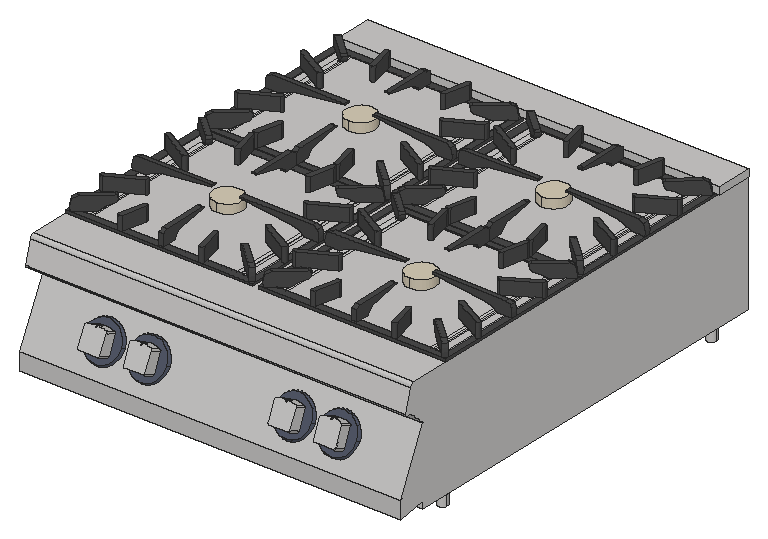
Revit family "QF_ZANUSSI_392003_Z9GCGH4S0M", category Specialty Equipment, Revit 2018
Family settings
  Round Connector Dimension = Use Diameter
  Part Type = Normal
  Work Plane-Based = No
  Always vertical = Yes
  Cut with Voids When Loaded = No
  Shared = No
  Room Calculation Point = No
Parameters
  Weight in Pounds = 79
  Weight = 0.00 kg
  Watts = 0 W
  Volts = 0 V
  URL Manufacturer = "http://www.zanussiprofessional.com"
  URL Cutsheet = "www.electrolux.com"
  URL = "http://www.zanussiprofessional.com"
  Type Mark [instance] = ""
  Steam Supply Size = 0"
  Steam Supply Minimum Pressure = 0.00 psi
  Steam Supply Maximum Pressure = 0.00 psi
  Steam Pounds per Hour = 0
  Status [instance] = ""
  Specification by User [instance] = ""
  Specification by Manufacturer = ""
  Show Logo [instance] = yes
  Show Clearance [instance] = yes
  Serial Number = ""
  Seismic Rating = ""
  SMACNA No = ""
  Revision Code [instance] = ""
  Refrigeration Suction Line Size = 0"
  Refrigeration Liquid Line Size = 0"
  Refrigerant Compressor Remote = yes
  Phase = 0
  Omniclass Number and Title = ""
  NAFEM Spec ID Number = ""
  Model = "Z9GCGH4S0M"
  Mechanical Remarks [instance] = ""
  Mechanical Connection Type [instance] = ""
  Masterspec = ""
  Manufacturer = "Zanussi"
  Length Actual = 800 mm  # constant formula
  Item Number [instance] = "392003"
  Installed By [instance] = ""
  Identify Quantity as Lot [instance] = yes
  Hot Water Size = 0"
  Height Actual = 250 mm  # constant formula
  HP = "0 HP"
  Gas Size = 1/2"
  Gas RI Height [instance] = 0 mm
  Gas KW [instance] = 40
  Gas Input [instance] = 1.34407 Btu/h
  Gas Connection Height = 0 mm
  Furnished By [instance] = ""
  Foodservice Equipment Identifier [instance] = yes
  Direct Waste Size = 0"
  Description = "4-BURNER (10KW) GAS BOILING TOP 800 MM"
  Depth Actual = 900 mm  # constant formula
  Cycle = 0 Hz
  Condensate Return Size = 0"
  Compressed Air Volume = 0 GPM
  Compressed Air Size = 0"
  Compressed Air Pressure = 0.00 psi
  Cold Water Size = 0"
  CSI MasterFormat = ""
  CSI Master Format = ""
  Accessory = yes
Reference planes
  plane 1 "BACK": y = 0
  plane 2: z = 0
  plane 3 "LEFT": x = 0
  plane 4 "RIGHT": x = 800.1
  plane 5 "FRONT": y = -915
  plane 6 "TOP": z = 310
  plane 7 "Center Y": x = 400.05
  plane 8 "Center X": y = -457.5
  plane 9: z = 24
  plane 10: z = 274
  plane 11: y = -82
  plane 12: y = -900.275
  plane 13: y = -790
  plane 14: y = -666
  plane 15: x = 747.713
  plane 16: y = -607
Forms (mm)
  Extrusion 1, solid, material "QF_Finishes_Stainless Steel"
    sketch origin (0, 0, 0) x (0, 1, 0) y (0, 0, 1)
      loop
        line (0, 24) -> (0, 273.175) -> (-879.358, 273.175)
        arc (-879.358, 273.175) -> (-884.643, 270.986) -> (-886.833, 265.701) r 7.474
        line (-886.833, 265.701) -> (-899.884, 220.186)
        arc (-899.884, 220.186) -> (-899.396, 217.554) -> (-897, 216.359) r 3
        line (-897, 216.359) -> (-886.802, 216.359) -> (-854.982, 184.539) -> (-915, 64.508) -> (-915, 29.508) -> (-858.645, 37.428)
        arc (-858.645, 37.428) -> (-856.101, 36.674) -> (-855, 34.259) r 3.2
        line (-855, 34.259) -> (-855, 24) -> (0, 24)
    from 0 to 800.1
  Extrusion 2, solid, material "QF_Finishes_Stainless Steel"
    sketch origin (0, -836.697, 23.812) x (1, 0, 0) y (0, -1, 0)
      loop
        circle (11.112, -754.697) r 9.5
      loop
        circle (788.987, -46.697) r 9.5
      loop
        circle (788.988, -754.697) r 9.5
      loop
        circle (11.112, -61.972) r 9.5
    from 0 to 23.812
  Extrusion 3, solid, material "QF_Finishes_Stainless Steel"
    sketch origin (0, -836.697, 23.812) x (1, 0, 0) y (0, -1, 0)
      loop
        circle (747.713, -170.697) r 6.4
      loop
        circle (649.1, -229.697) r 6.4
    from 0 to 20
  Extrusion 4, solid, material "QF_Finishes_Stainless Steel"
    sketch origin (0, 0, 0) x (0, 1, 0) y (0, 0, 1)
      loop
        line (0, 274) -> (0, 288.288) -> (-76.2, 288.288) -> (-76.2, 274) -> (0, 274)
    from 0 to 800.1
  Extrusion 5, solid, material "QF_Clearances", visible <- "Show Clearance", detail levels coarse
    sketch origin (0, 0, 0) x (1, 0, 0) y (0, 1, 0)
      loop
        line (0, -915) -> (0, 0) -> (800.1, 0) -> (800.1, -914.604) -> (900.113, -914.604) -> (900.113, 100.013) -> (-100.012, 100.013) -> (-100.012, -915) -> (0, -915)
    from 0 to 310
  Blend 6, solid, material "QF_Finishes_Navy Blue"
    base sketch origin (152.525, -884.991, 124.749) x (1, 0, 0) y (0, 0.444781, 0.895639)
      loop
        circle (0, 0) r 42.5
    top sketch origin (152.525, -884.991, 124.749) x (1, 0, 0) y (0, 0.444781, 0.895639)
      loop
        circle (0, 0) r 40.5
    from 0 to 5
  Extrusion 7, solid, material "QF_Finishes_Stainless Steel"
    sketch origin (152.525, -884.991, 124.749) x (1, 0, 0) y (0, 0.444781, 0.895639)
      loop
        arc (-21.147, 22.789) -> (-22.494, 21.685) -> (-23, 20.019) r 2.997
        line (-23, 20.019) -> (-23, -20.019)
        arc (-23, -20.019) -> (-22.122, -22.138) -> (-20.003, -23.016) r 2.997
        line (-20.003, -23.016) -> (20.003, -23.016)
        arc (20.003, -23.016) -> (22.122, -22.138) -> (23, -20.019) r 2.997
        line (23, -20.019) -> (23, 20.019)
        arc (23, 20.019) -> (22.494, 21.685) -> (21.147, 22.789) r 2.997
        arc (21.147, 22.789) -> (0, 26.984) -> (-21.147, 22.789) r 55.4
    from 10 to 34
  Extrusion 8, solid, material "QF_Plastic-Black-Matte"
    sketch origin (210.025, -884.991, 124.749) x (0, 0.444781, 0.895639) y (0, -0.895639, 0.444781)
      loop
        line (26.413, 33.716) -> (26.413, 18.716) -> (27.413, 18.716) -> (27.413, 33.716)
        arc (27.413, 33.716) -> (27.12, 34.424) -> (26.413, 34.716) r 1
        line (26.413, 34.716) -> (23.413, 34.716) -> (23.413, 33.716) -> (26.413, 33.716)
    from -58.5 to -56.5
  Extrusion 9, solid, material "QF_Finishes_Stainless Steel"
    sketch origin (152.525, -884.991, 124.749) x (1, 0, 0) y (0, 0.444781, 0.895639)
      loop
        line (17.5, 17.5) -> (-17.5, 17.5) -> (-17.5, -17.5) -> (17.5, -17.5) -> (17.5, 17.5)
    from 5 to 10
  Blend 10, solid, material "QF_Finishes_Navy Blue"
    base sketch origin (247.525, -884.991, 124.749) x (1, 0, 0) y (0, 0.444781, 0.895639)
      loop
        circle (0, 0) r 42.5
    top sketch origin (247.525, -884.991, 124.749) x (1, 0, 0) y (0, 0.444781, 0.895639)
      loop
        circle (0, 0) r 40.5
    from 0 to 5
  Extrusion 11, solid, material "QF_Finishes_Stainless Steel"
    sketch origin (247.525, -884.991, 124.749) x (1, 0, 0) y (0, 0.444781, 0.895639)
      loop
        arc (-21.147, 22.789) -> (-22.494, 21.685) -> (-23, 20.019) r 2.997
        line (-23, 20.019) -> (-23, -20.019)
        arc (-23, -20.019) -> (-22.122, -22.138) -> (-20.003, -23.016) r 2.997
        line (-20.003, -23.016) -> (20.003, -23.016)
        arc (20.003, -23.016) -> (22.122, -22.138) -> (23, -20.019) r 2.997
        line (23, -20.019) -> (23, 20.019)
        arc (23, 20.019) -> (22.494, 21.685) -> (21.147, 22.789) r 2.997
        arc (21.147, 22.789) -> (0, 26.984) -> (-21.147, 22.789) r 55.4
    from 10 to 34
  Extrusion 12, solid, material "QF_Finishes_Stainless Steel"
    sketch origin (247.525, -884.991, 124.749) x (1, 0, 0) y (0, 0.444781, 0.895639)
      loop
        line (17.5, 17.5) -> (-17.5, 17.5) -> (-17.5, -17.5) -> (17.5, -17.5) -> (17.5, 17.5)
    from 5 to 10
  Extrusion 13, solid, material "QF_Plastic-Black-Matte"
    sketch origin (190.025, -884.991, 124.749) x (0, 0.444781, 0.895639) y (0, 0.895639, -0.444781)
      loop
        line (26.413, -33.716) -> (23.413, -33.716) -> (23.413, -34.716) -> (26.413, -34.716)
        arc (26.413, -34.716) -> (27.12, -34.424) -> (27.413, -33.716) r 1
        line (27.413, -33.716) -> (27.413, -18.716) -> (26.413, -18.716) -> (26.413, -33.716)
    from -58.5 to -56.5
  Blend 14, solid, material "QF_Finishes_Navy Blue"
    base sketch origin (552.525, -884.991, 124.749) x (1, 0, 0) y (0, 0.444781, 0.895639)
      loop
        circle (0, 0) r 42.5
    top sketch origin (552.525, -884.991, 124.749) x (1, 0, 0) y (0, 0.444781, 0.895639)
      loop
        circle (0, 0) r 40.5
    from 0 to 5
  Extrusion 15, solid, material "QF_Finishes_Stainless Steel"
    sketch origin (552.525, -884.991, 124.749) x (1, 0, 0) y (0, 0.444781, 0.895639)
      loop
        arc (-21.147, 22.789) -> (-22.494, 21.685) -> (-23, 20.019) r 2.997
        line (-23, 20.019) -> (-23, -20.019)
        arc (-23, -20.019) -> (-22.122, -22.138) -> (-20.003, -23.016) r 2.997
        line (-20.003, -23.016) -> (20.003, -23.016)
        arc (20.003, -23.016) -> (22.122, -22.138) -> (23, -20.019) r 2.997
        line (23, -20.019) -> (23, 20.019)
        arc (23, 20.019) -> (22.494, 21.685) -> (21.147, 22.789) r 2.997
        arc (21.147, 22.789) -> (0, 26.984) -> (-21.147, 22.789) r 55.4
    from 10 to 34
  Extrusion 16, solid, material "QF_Plastic-Black-Matte"
    sketch origin (610.025, -884.991, 124.749) x (0, 0.444781, 0.895639) y (0, -0.895639, 0.444781)
      loop
        line (26.413, 33.716) -> (26.413, 18.716) -> (27.413, 18.716) -> (27.413, 33.716)
        arc (27.413, 33.716) -> (27.12, 34.424) -> (26.413, 34.716) r 1
        line (26.413, 34.716) -> (23.413, 34.716) -> (23.413, 33.716) -> (26.413, 33.716)
    from -58.5 to -56.5
  Extrusion 17, solid, material "QF_Finishes_Stainless Steel"
    sketch origin (552.525, -884.991, 124.749) x (1, 0, 0) y (0, 0.444781, 0.895639)
      loop
        line (17.5, 17.5) -> (-17.5, 17.5) -> (-17.5, -17.5) -> (17.5, -17.5) -> (17.5, 17.5)
    from 5 to 10
  Blend 18, solid, material "QF_Finishes_Navy Blue"
    base sketch origin (647.525, -884.991, 124.749) x (1, 0, 0) y (0, 0.444781, 0.895639)
      loop
        circle (0, 0) r 42.5
    top sketch origin (647.525, -884.991, 124.749) x (1, 0, 0) y (0, 0.444781, 0.895639)
      loop
        circle (0, 0) r 40.5
    from 0 to 5
  Extrusion 19, solid, material "QF_Finishes_Stainless Steel"
    sketch origin (647.525, -884.991, 124.749) x (1, 0, 0) y (0, 0.444781, 0.895639)
      loop
        arc (-21.147, 22.789) -> (-22.494, 21.685) -> (-23, 20.019) r 2.997
        line (-23, 20.019) -> (-23, -20.019)
        arc (-23, -20.019) -> (-22.122, -22.138) -> (-20.003, -23.016) r 2.997
        line (-20.003, -23.016) -> (20.003, -23.016)
        arc (20.003, -23.016) -> (22.122, -22.138) -> (23, -20.019) r 2.997
        line (23, -20.019) -> (23, 20.019)
        arc (23, 20.019) -> (22.494, 21.685) -> (21.147, 22.789) r 2.997
        arc (21.147, 22.789) -> (0, 26.984) -> (-21.147, 22.789) r 55.4
    from 10 to 34
  Extrusion 20, solid, material "QF_Finishes_Stainless Steel"
    sketch origin (647.525, -884.991, 124.749) x (1, 0, 0) y (0, 0.444781, 0.895639)
      loop
        line (17.5, 17.5) -> (-17.5, 17.5) -> (-17.5, -17.5) -> (17.5, -17.5) -> (17.5, 17.5)
    from 5 to 10
  Extrusion 21, solid, material "QF_Plastic-Black-Matte"
    sketch origin (590.025, -884.991, 124.749) x (0, 0.444781, 0.895639) y (0, 0.895639, -0.444781)
      loop
        line (26.413, -33.716) -> (23.413, -33.716) -> (23.413, -34.716) -> (26.413, -34.716)
        arc (26.413, -34.716) -> (27.12, -34.424) -> (27.413, -33.716) r 1
        line (27.413, -33.716) -> (27.413, -18.716) -> (26.413, -18.716) -> (26.413, -33.716)
    from -58.5 to -56.5
Lines and regions (mm)
  Split face 1
    outline origin (152.525, -889.469, 126.972) x (1, 0, 0) y (0, 0.444781, 0.895639)
      loop
        circle (-33, 0) r 3
  Split face 2
    outline origin (158.426, -889.469, 126.972) x (1, 0, 0) y (0, 0.444781, 0.895639)
      loop
        line (-8.901, 38.561) -> (-8.901, 28.561) -> (-2.901, 28.561) -> (-2.901, 38.561) -> (-8.901, 38.561)
  Split face 3
    outline origin (158.426, -889.469, 126.972) x (1, 0, 0) y (0, 0.444781, 0.895639)
      loop
        line (-8.401, 38.061) -> (-8.401, 29.061) -> (-3.401, 29.061) -> (-3.401, 38.061) -> (-8.401, 38.061)
  Split face 4
    outline origin (178.182, -875.159, 155.788) x (-1, 0, 0) y (0, -0.444781, -0.895639)
      loop
        circle (43.456, 61.543) r 1.5
  Split face 5
    outline origin (152.525, -889.469, 126.972) x (1, 0, 0) y (0, 0.444781, 0.895639)
      loop
        circle (-24.487, 26.694) r 3.497
  Split face 6
    outline origin (158.426, -859.615, 187.089) x (1, 0, 0) y (0, 0.444781, 0.895639)
      loop
        line (-8.401, -34.061) -> (-3.401, -34.061)
  Split face 7
    outline origin (158.426, -859.615, 187.089) x (1, 0, 0) y (0, 0.444781, 0.895639)
      loop
        line (-8.401, -33.561) -> (-3.401, -33.561)
  Split face 8
    outline origin (158.426, -859.615, 187.089) x (1, 0, 0) y (0, 0.444781, 0.895639)
      loop
        circle (-5.901, -31.311) r 2.029
  Split face 9
    outline origin (253.426, -889.469, 126.972) x (1, 0, 0) y (0, 0.444781, 0.895639)
      loop
        line (-8.901, 38.561) -> (-8.901, 28.561) -> (-2.901, 28.561) -> (-2.901, 38.561) -> (-8.901, 38.561)
  Split face 10
    outline origin (253.426, -889.469, 126.972) x (1, 0, 0) y (0, 0.444781, 0.895639)
      loop
        line (-8.401, 38.061) -> (-8.401, 29.061) -> (-3.401, 29.061) -> (-3.401, 38.061) -> (-8.401, 38.061)
  Split face 11
    outline origin (253.426, -889.469, 126.972) x (1, 0, 0) y (0, 0.444781, 0.895639)
      loop
        line (-8.401, 34.061) -> (-3.401, 34.061)
  Split face 12
    outline origin (253.426, -889.469, 126.972) x (1, 0, 0) y (0, 0.444781, 0.895639)
      loop
        line (-8.401, 33.561) -> (-3.401, 33.561)
  Split face 13
    outline origin (253.426, -889.469, 126.972) x (1, 0, 0) y (0, 0.444781, 0.895639)
      loop
        circle (-5.901, 31.311) r 2.029
  Split face 14
    outline origin (247.525, -889.469, 126.972) x (1, 0, 0) y (0, 0.444781, 0.895639)
      loop
        circle (-33, 0) r 3
  Split face 15
    outline origin (273.182, -875.159, 155.788) x (-1, 0, 0) y (0, -0.444781, -0.895639)
      loop
        circle (43.456, 61.543) r 1.5
  Split face 16
    outline origin (247.525, -889.469, 126.972) x (1, 0, 0) y (0, 0.444781, 0.895639)
      loop
        circle (-24.487, 26.694) r 3.497
  Split face 17
    outline origin (552.525, -889.469, 126.972) x (1, 0, 0) y (0, 0.444781, 0.895639)
      loop
        circle (-33, 0) r 3
  Split face 18
    outline origin (558.426, -889.469, 126.972) x (1, 0, 0) y (0, 0.444781, 0.895639)
      loop
        line (-8.901, 38.561) -> (-8.901, 28.561) -> (-2.901, 28.561) -> (-2.901, 38.561) -> (-8.901, 38.561)
  Split face 19
    outline origin (558.426, -889.469, 126.972) x (1, 0, 0) y (0, 0.444781, 0.895639)
      loop
        line (-8.401, 38.061) -> (-8.401, 29.061) -> (-3.401, 29.061) -> (-3.401, 38.061) -> (-8.401, 38.061)
  Split face 20
    outline origin (578.182, -875.159, 155.788) x (-1, 0, 0) y (0, -0.444781, -0.895639)
      loop
        circle (43.456, 61.543) r 1.5
  Split face 21
    outline origin (552.525, -889.469, 126.972) x (1, 0, 0) y (0, 0.444781, 0.895639)
      loop
        circle (-24.487, 26.694) r 3.497
  Split face 22
    outline origin (558.426, -859.615, 187.089) x (1, 0, 0) y (0, 0.444781, 0.895639)
      loop
        line (-8.401, -34.061) -> (-3.401, -34.061)
  Split face 23
    outline origin (558.426, -859.615, 187.089) x (1, 0, 0) y (0, 0.444781, 0.895639)
      loop
        line (-8.401, -33.561) -> (-3.401, -33.561)
  Split face 24
    outline origin (558.426, -859.615, 187.089) x (1, 0, 0) y (0, 0.444781, 0.895639)
      loop
        circle (-5.901, -31.311) r 2.029
  Split face 25
    outline origin (653.426, -889.469, 126.972) x (1, 0, 0) y (0, 0.444781, 0.895639)
      loop
        line (-8.901, 38.561) -> (-8.901, 28.561) -> (-2.901, 28.561) -> (-2.901, 38.561) -> (-8.901, 38.561)
  Split face 26
    outline origin (653.426, -889.469, 126.972) x (1, 0, 0) y (0, 0.444781, 0.895639)
      loop
        line (-8.401, 38.061) -> (-8.401, 29.061) -> (-3.401, 29.061) -> (-3.401, 38.061) -> (-8.401, 38.061)
  Split face 27
    outline origin (653.426, -889.469, 126.972) x (1, 0, 0) y (0, 0.444781, 0.895639)
      loop
        line (-8.401, 34.061) -> (-3.401, 34.061)
  Split face 28
    outline origin (653.426, -889.469, 126.972) x (1, 0, 0) y (0, 0.444781, 0.895639)
      loop
        line (-8.401, 33.561) -> (-3.401, 33.561)
  Split face 29
    outline origin (653.426, -889.469, 126.972) x (1, 0, 0) y (0, 0.444781, 0.895639)
      loop
        circle (-5.901, 31.311) r 2.029
  Split face 30
    outline origin (647.525, -889.469, 126.972) x (1, 0, 0) y (0, 0.444781, 0.895639)
      loop
        circle (-33, 0) r 3
  Split face 31
    outline origin (673.182, -875.159, 155.788) x (-1, 0, 0) y (0, -0.444781, -0.895639)
      loop
        circle (43.456, 61.543) r 1.5
  Split face 32
    outline origin (647.525, -889.469, 126.972) x (1, 0, 0) y (0, 0.444781, 0.895639)
      loop
        circle (-24.487, 26.694) r 3.497
  symbolic lines, style "QF_Clearances", visible <- "Show Clearance", detail levels coarse
    curve 1: line (-100.013, -915, 0) -> (-100.013, 100.013, 0)
    curve 2: line (-100.013, 100.013, 0) -> (900.113, 100.013, 0)
    curve 3: line (900.113, 100.013, 0) -> (900.113, -914.604, 0)
  symbolic lines
    curve 4: line (0, 0, 0) -> (800.1, 0, 0)
    curve 5: line (800.1, 0, 0) -> (800.1, -915, 0)
    curve 6: line (0, -915, 0) -> (0, 0, 0)
    curve 7: line (0, -76.2, 0) -> (800.1, -76.2, 0)
    curve 8: line (129.525, -900, 0) -> (129.525, -924.347, 0)
    curve 9: arc (129.525, -924.347, 0) -> (129.671, -924.811, 0) -> (130.057, -925.107, 0) r 0.809
    curve 10: arc (130.057, -925.107, 0) -> (131.245, -925.587, 0) -> (132.522, -925.68, 0) r 4.127
    curve 11: arc (129.525, -904.292, 0) -> (124.484, -902.458, 0) -> (119.716, -900, 0) r 42.24
    curve 12: arc (129.525, -906.539, 0) -> (130.027, -905.818, 0) -> (130.824, -905.448, 0) r 1.682
    curve 13: arc (130.824, -905.448, 0) -> (141.127, -903.95, 0) -> (151.525, -903.441, 0) r 109.079
    curve 14: line (151.525, -900, 0) -> (151.525, -905.671, 0)
    curve 15: line (151.525, -905.671, 0) -> (153.525, -905.671, 0)
    curve 16: line (153.525, -905.671, 0) -> (153.525, -900, 0)
    curve 17: line (175.525, -900, 0) -> (175.525, -924.347, 0)
    curve 18: arc (175.525, -924.347, 0) -> (175.379, -924.811, 0) -> (174.993, -925.107, 0) r 0.809
    curve 19: arc (174.993, -925.107, 0) -> (173.805, -925.587, 0) -> (172.528, -925.68, 0) r 4.127
    curve 20: arc (175.525, -904.292, 0) -> (180.566, -902.458, 0) -> (185.334, -900, 0) r 42.24
    curve 21: arc (175.525, -906.539, 0) -> (175.023, -905.818, 0) -> (174.226, -905.448, 0) r 1.682
    curve 22: arc (174.226, -905.448, 0) -> (163.923, -903.95, 0) -> (153.525, -903.441, 0) r 109.079
    curve 23: line (132.522, -925.68, 0) -> (172.528, -925.68, 0)
    curve 24: line (270.525, -900, 0) -> (270.525, -924.347, 0)
    curve 25: arc (270.525, -924.347, 0) -> (270.379, -924.811, 0) -> (269.993, -925.107, 0) r 0.809
    curve 26: arc (269.993, -925.107, 0) -> (268.805, -925.587, 0) -> (267.528, -925.68, 0) r 4.127
    curve 27: arc (270.525, -904.292, 0) -> (275.566, -902.458, 0) -> (280.334, -900, 0) r 42.24
    curve 28: arc (270.525, -906.539, 0) -> (270.023, -905.818, 0) -> (269.226, -905.448, 0) r 1.682
    curve 29: arc (269.226, -905.448, 0) -> (258.923, -903.95, 0) -> (248.525, -903.441, 0) r 109.079
    curve 30: line (248.525, -900, 0) -> (248.525, -905.671, 0)
    curve 31: line (248.525, -905.671, 0) -> (246.525, -905.671, 0)
    curve 32: line (246.525, -905.671, 0) -> (246.525, -900, 0)
    curve 33: line (224.525, -900, 0) -> (224.525, -924.347, 0)
    curve 34: arc (224.525, -924.347, 0) -> (224.671, -924.811, 0) -> (225.057, -925.107, 0) r 0.809
    curve 35: arc (225.057, -925.107, 0) -> (226.245, -925.587, 0) -> (227.522, -925.68, 0) r 4.127
    curve 36: arc (224.525, -904.292, 0) -> (219.484, -902.458, 0) -> (214.716, -900, 0) r 42.24
    curve 37: arc (224.525, -906.539, 0) -> (225.027, -905.818, 0) -> (225.824, -905.448, 0) r 1.682
    curve 38: arc (225.824, -905.448, 0) -> (236.127, -903.95, 0) -> (246.525, -903.441, 0) r 109.079
    curve 39: line (267.528, -925.68, 0) -> (227.522, -925.68, 0)
    curve 40: line (175.525, -915, 0) -> (224.525, -915, 0)
    curve 41: line (270.525, -915, 0) -> (400.05, -915, 0)
    curve 42: line (0, -915, 0) -> (129.525, -915, 0)
    curve 43: line (529.575, -900, 0) -> (529.575, -924.347, 0)
    curve 44: arc (529.575, -924.347, 0) -> (529.721, -924.811, 0) -> (530.107, -925.107, 0) r 0.809
    curve 45: arc (530.107, -925.107, 0) -> (531.295, -925.587, 0) -> (532.572, -925.68, 0) r 4.127
    curve 46: arc (529.575, -904.292, 0) -> (524.534, -902.458, 0) -> (519.766, -900, 0) r 42.24
    curve 47: arc (529.575, -906.539, 0) -> (530.077, -905.818, 0) -> (530.874, -905.448, 0) r 1.682
    curve 48: arc (530.874, -905.448, 0) -> (541.177, -903.95, 0) -> (551.575, -903.441, 0) r 109.079
    curve 49: line (551.575, -900, 0) -> (551.575, -905.671, 0)
    curve 50: line (551.575, -905.671, 0) -> (553.575, -905.671, 0)
    curve 51: line (553.575, -905.671, 0) -> (553.575, -900, 0)
    curve 52: line (575.575, -900, 0) -> (575.575, -924.347, 0)
    curve 53: arc (575.575, -924.347, 0) -> (575.429, -924.811, 0) -> (575.043, -925.107, 0) r 0.809
    curve 54: arc (575.043, -925.107, 0) -> (573.855, -925.587, 0) -> (572.578, -925.68, 0) r 4.127
    curve 55: arc (575.575, -904.292, 0) -> (580.616, -902.458, 0) -> (585.384, -900, 0) r 42.24
    curve 56: arc (575.575, -906.539, 0) -> (575.073, -905.818, 0) -> (574.276, -905.448, 0) r 1.682
    curve 57: arc (574.276, -905.448, 0) -> (563.973, -903.95, 0) -> (553.575, -903.441, 0) r 109.079
    curve 58: line (532.572, -925.68, 0) -> (572.578, -925.68, 0)
    curve 59: line (670.575, -900, 0) -> (670.575, -924.347, 0)
    curve 60: arc (670.575, -924.347, 0) -> (670.429, -924.811, 0) -> (670.043, -925.107, 0) r 0.809
    curve 61: arc (670.043, -925.107, 0) -> (668.855, -925.587, 0) -> (667.578, -925.68, 0) r 4.127
    curve 62: arc (670.575, -904.292, 0) -> (675.616, -902.458, 0) -> (680.384, -900, 0) r 42.24
    curve 63: arc (670.575, -906.539, 0) -> (670.073, -905.818, 0) -> (669.276, -905.448, 0) r 1.682
    curve 64: arc (669.276, -905.448, 0) -> (658.973, -903.95, 0) -> (648.575, -903.441, 0) r 109.079
    curve 65: line (648.575, -900, 0) -> (648.575, -905.671, 0)
    curve 66: line (648.575, -905.671, 0) -> (646.575, -905.671, 0)
    curve 67: line (646.575, -905.671, 0) -> (646.575, -900, 0)
    curve 68: line (624.575, -900, 0) -> (624.575, -924.347, 0)
    curve 69: arc (624.575, -924.347, 0) -> (624.721, -924.811, 0) -> (625.107, -925.107, 0) r 0.809
    curve 70: arc (625.107, -925.107, 0) -> (626.295, -925.587, 0) -> (627.572, -925.68, 0) r 4.127
    curve 71: arc (624.575, -904.292, 0) -> (619.534, -902.458, 0) -> (614.766, -900, 0) r 42.24
    curve 72: arc (624.575, -906.539, 0) -> (625.077, -905.818, 0) -> (625.874, -905.448, 0) r 1.682
    curve 73: arc (625.874, -905.448, 0) -> (636.177, -903.95, 0) -> (646.575, -903.441, 0) r 109.079
    curve 74: line (667.578, -925.68, 0) -> (627.572, -925.68, 0)
    curve 75: line (575.575, -915, 0) -> (624.575, -915, 0)
    curve 76: line (670.575, -915, 0) -> (800.1, -915, 0)
    curve 77: line (400.05, -915, 0) -> (529.575, -915, 0)
    curve 78: line (0, -900, 0) -> (800.1, -900, 0)
Dimensions and locks
  equal spacing: plane 3 "LEFT", plane 7 "Center Y", plane 4 "RIGHT"
  plane 3 "LEFT" to plane 4 "RIGHT" = 800.1 mm
  equal spacing: plane 5 "FRONT", plane 8 "Center X", plane 1 "BACK"
  plane 5 "FRONT" to plane 1 "BACK" = 915 mm  (x2)
  plane 6 "TOP" to plane 2 = 310 mm
  plane 9 to plane 2 = 24 mm  (x2)
  plane 6 "TOP" to plane 10 = 36 mm  (x2)
  plane 10 to plane 2 = 274 mm
  locked: plane 4 "RIGHT" to Extrusion 5 sketch curve at 100.013
  plane 10 to plane 9 = 250 mm  (x2)
  Extrusion 2 sketch curve to plane 1 "BACK" = 82 mm
  Extrusion 3 sketch curve to plane 1 "BACK" = 666 mm
  Extrusion 3 sketch curve to plane 4 "RIGHT" = 52.388 mm
  Extrusion 3 to plane 9 = 20.188 mm
  plane 11 to plane 1 "BACK" = 82 mm
  plane 14 to plane 1 "BACK" = 666 mm
  plane 4 "RIGHT" to plane 15 = 52.388 mm
  Extrusion 3 sketch curve to plane 1 "BACK" = 607 mm
  Extrusion 3 sketch curve to plane 4 "RIGHT" = 151 mm
  plane 16 to plane 1 "BACK" = 607 mm
  Extrusion 2 sketch curve to Extrusion 2 sketch curve = 708 mm
  plane 13 to plane 11 = 708 mm
  plane 12 to plane 13 = 110.275 mm
  plane 5 "FRONT" to plane 12 = 14.725 mm
  aligned and locked: level to plane 2
  aligned and locked: Extrusion 2 to plane 2
  aligned and locked: Extrusion 1 to plane 4 "RIGHT"
  aligned and locked: plane 6 "TOP" to Extrusion 5
  aligned and locked: plane 4 "RIGHT" to Extrusion 5 sketch curve
  aligned and locked: Extrusion 4 to plane 4 "RIGHT"
Automatic sketch dimensions
  Extrusion 4 sketch curve to plane 10 = 0 mm
  Extrusion 4 sketch curve to plane 1 "BACK" = 0 mm
  Extrusion 4 sketch curve to Extrusion 4 sketch curve = 14.288 mm
  plane 5 "FRONT" to Extrusion 5 sketch curve = 0 mm
  plane 1 "BACK" to Extrusion 5 sketch curve = 0 mm
  Extrusion 5 sketch curve to plane 3 "LEFT" = 0 mm
  Extrusion 5 sketch curve to plane 3 "LEFT" = 100.012 mm
  Extrusion 5 sketch curve to plane 5 "FRONT" = 0.396 mm
  Extrusion 5 sketch curve to plane 1 "BACK" = 100.013 mm
  plane 1 "BACK" to Extrusion 4 sketch curve = 76.2 mm
  plane 5 "FRONT" to curve 1 = 0 mm
  curve 5 to plane 4 "RIGHT" = 0 mm
  plane 1 "BACK" to curve 4 = 0 mm
  curve 1 to plane 3 "LEFT" = 100.013 mm
  curve 2 to plane 4 "RIGHT" = 100.013 mm
  curve 3 to plane 5 "FRONT" = 0.396 mm
  plane 11 to curve 7 = 5.8 mm
  curve 2 to plane 1 "BACK" = 100.013 mm
  Extrusion 1 sketch curve to plane 9 = 0 mm
  plane 9 to Extrusion 1 sketch curve = 5.508 mm
  plane 5 "FRONT" to Extrusion 1 sketch curve = 0 mm
  Extrusion 1 sketch curve to plane 10 = 53.814 mm
  Extrusion 1 sketch curve to Extrusion 1 sketch curve = 15.116 mm
  Extrusion 1 sketch curve to Extrusion 1 sketch curve = 2.884 mm
  Extrusion 1 sketch curve to plane 10 = 8.299 mm
  Extrusion 1 sketch curve to Extrusion 1 sketch curve = 13.051 mm
  Extrusion 1 sketch curve to Extrusion 1 sketch curve = 10.198 mm
  Extrusion 1 sketch curve to Extrusion 1 sketch curve = 7.474 mm
  plane 9 to Extrusion 1 sketch curve = 13.428 mm
  Extrusion 1 sketch curve to Extrusion 1 sketch curve = 56.355 mm
  Extrusion 1 sketch curve to Extrusion 1 sketch curve = 0.445 mm
  Extrusion 1 sketch curve to Extrusion 1 sketch curve = 3.2 mm
  Extrusion 1 sketch curve to Extrusion 1 sketch curve = 31.82 mm
  plane 11 to Extrusion 1 sketch curve = 82 mm
  Extrusion 1 sketch curve to Extrusion 1 sketch curve = 35 mm
  Extrusion 1 sketch curve to Extrusion 1 sketch curve = 35.647 mm
  Extrusion 1 sketch curve to Extrusion 1 sketch curve = 3.827 mm
  Extrusion 2 sketch curve to plane 11 = 0 mm
  plane 3 "LEFT" to Extrusion 2 sketch curve = 11.112 mm  (x2)
  plane 4 "RIGHT" to Extrusion 2 sketch curve = 11.112 mm
  plane 4 "RIGHT" to Extrusion 2 sketch curve = 11.113 mm
  plane 13 to Extrusion 2 sketch curve = 15.275 mm
  Split face 2 sketch curve to Split face 2 sketch curve = 6 mm
  Split face 2 sketch curve to Split face 2 sketch curve = 10 mm
  Split face 3 sketch curve to Split face 3 sketch curve = 5 mm
  Split face 3 sketch curve to Split face 3 sketch curve = 9 mm
  Split face 6 sketch curve to Split face 6 sketch curve = 5 mm
  Split face 7 sketch curve to Split face 7 sketch curve = 5 mm
  Split face 9 sketch curve to Split face 9 sketch curve = 6 mm
  Split face 9 sketch curve to Split face 9 sketch curve = 10 mm
  Split face 10 sketch curve to Split face 10 sketch curve = 5 mm
  Split face 10 sketch curve to Split face 10 sketch curve = 9 mm
  Split face 11 sketch curve to Split face 11 sketch curve = 5 mm
  Split face 12 sketch curve to Split face 12 sketch curve = 5 mm
  Split face 18 sketch curve to Split face 18 sketch curve = 6 mm
  Split face 18 sketch curve to Split face 18 sketch curve = 10 mm
  Split face 19 sketch curve to Split face 19 sketch curve = 5 mm
  Split face 19 sketch curve to Split face 19 sketch curve = 9 mm
  Split face 22 sketch curve to Split face 22 sketch curve = 5 mm
  Split face 23 sketch curve to Split face 23 sketch curve = 5 mm
  Split face 25 sketch curve to Split face 25 sketch curve = 6 mm
  Split face 25 sketch curve to Split face 25 sketch curve = 10 mm
  Split face 26 sketch curve to Split face 26 sketch curve = 5 mm
  Split face 26 sketch curve to Split face 26 sketch curve = 9 mm
  Split face 27 sketch curve to Split face 27 sketch curve = 5 mm
  Split face 28 sketch curve to Split face 28 sketch curve = 5 mm
  plane 3 "LEFT" to Blend 6 sketch curve = 152.525 mm  (x2)
  plane 3 "LEFT" to Extrusion 7 sketch curve = 129.525 mm
  Extrusion 7 sketch curve to Extrusion 7 sketch curve = 2.997 mm  (x3)
  Extrusion 7 sketch curve to Extrusion 7 sketch curve = 20.003 mm  (x2)
  Extrusion 7 sketch curve to Extrusion 7 sketch curve = 40.005 mm
  Extrusion 7 sketch curve to Extrusion 7 sketch curve = 5.399 mm
  Extrusion 7 sketch curve to Extrusion 7 sketch curve = 40.037 mm
  Extrusion 7 sketch curve to Extrusion 7 sketch curve = 0 mm  (x2)
  plane 12 to Extrusion 8 sketch curve = 5.396 mm
  Extrusion 8 sketch curve to plane 10 = 112.841 mm
  Extrusion 8 sketch curve to Extrusion 8 sketch curve = 3 mm
  Extrusion 8 sketch curve to Extrusion 8 sketch curve = 0 mm  (x2)
  Extrusion 8 sketch curve to Extrusion 8 sketch curve = 1 mm
  Extrusion 8 sketch curve to Extrusion 8 sketch curve = 15 mm
  plane 3 "LEFT" to Extrusion 9 sketch curve = 135.025 mm
  Extrusion 9 sketch curve to Extrusion 9 sketch curve = 35 mm  (x2)
  Blend 10 sketch curve to plane 7 "Center Y" = 152.525 mm  (x2)
  Extrusion 11 sketch curve to plane 7 "Center Y" = 175.525 mm
  Extrusion 11 sketch curve to Extrusion 11 sketch curve = 2.997 mm  (x3)
  Extrusion 11 sketch curve to Extrusion 11 sketch curve = 20.003 mm  (x2)
  Extrusion 11 sketch curve to Extrusion 11 sketch curve = 40.005 mm
  Extrusion 11 sketch curve to Extrusion 11 sketch curve = 5.399 mm
  Extrusion 11 sketch curve to Extrusion 11 sketch curve = 40.037 mm
  Extrusion 11 sketch curve to Extrusion 11 sketch curve = 0 mm  (x2)
  Extrusion 12 sketch curve to plane 7 "Center Y" = 170.025 mm
  Extrusion 12 sketch curve to Extrusion 12 sketch curve = 35 mm  (x2)
  plane 12 to Extrusion 13 sketch curve = 5.396 mm
  Extrusion 13 sketch curve to plane 10 = 112.841 mm
  Extrusion 13 sketch curve to Extrusion 13 sketch curve = 3 mm
  Extrusion 13 sketch curve to Extrusion 13 sketch curve = 0 mm
  Extrusion 13 sketch curve to Extrusion 13 sketch curve = 1 mm  (x2)
  Extrusion 13 sketch curve to Extrusion 13 sketch curve = 15 mm
  plane 7 "Center Y" to Blend 14 sketch curve = 152.475 mm  (x2)
  plane 7 "Center Y" to Extrusion 15 sketch curve = 129.475 mm
  Extrusion 15 sketch curve to Extrusion 15 sketch curve = 2.997 mm  (x3)
  Extrusion 15 sketch curve to Extrusion 15 sketch curve = 20.003 mm  (x2)
  Extrusion 15 sketch curve to Extrusion 15 sketch curve = 40.005 mm
  Extrusion 15 sketch curve to Extrusion 15 sketch curve = 5.399 mm
  Extrusion 15 sketch curve to Extrusion 15 sketch curve = 40.037 mm
  Extrusion 15 sketch curve to Extrusion 15 sketch curve = 0 mm  (x2)
  plane 12 to Extrusion 16 sketch curve = 5.396 mm
  Extrusion 16 sketch curve to plane 10 = 112.841 mm
  Extrusion 16 sketch curve to Extrusion 16 sketch curve = 3 mm
  Extrusion 16 sketch curve to Extrusion 16 sketch curve = 0 mm  (x2)
  Extrusion 16 sketch curve to Extrusion 16 sketch curve = 1 mm
  Extrusion 16 sketch curve to Extrusion 16 sketch curve = 15 mm
  plane 7 "Center Y" to Extrusion 17 sketch curve = 134.975 mm
  Extrusion 17 sketch curve to Extrusion 17 sketch curve = 35 mm  (x2)
  Blend 18 sketch curve to plane 15 = 100.187 mm  (x2)
  Extrusion 19 sketch curve to plane 15 = 123.187 mm
  Extrusion 19 sketch curve to Extrusion 19 sketch curve = 2.997 mm  (x3)
  Extrusion 19 sketch curve to Extrusion 19 sketch curve = 20.003 mm  (x2)
  Extrusion 19 sketch curve to Extrusion 19 sketch curve = 40.005 mm
  Extrusion 19 sketch curve to Extrusion 19 sketch curve = 5.399 mm
  Extrusion 19 sketch curve to Extrusion 19 sketch curve = 40.037 mm
  Extrusion 19 sketch curve to Extrusion 19 sketch curve = 0 mm  (x2)
  Extrusion 20 sketch curve to plane 15 = 117.687 mm
  Extrusion 20 sketch curve to Extrusion 20 sketch curve = 35 mm  (x2)
  plane 12 to Extrusion 21 sketch curve = 5.396 mm
  Extrusion 21 sketch curve to plane 10 = 112.841 mm
  Extrusion 21 sketch curve to Extrusion 21 sketch curve = 3 mm
  Extrusion 21 sketch curve to Extrusion 21 sketch curve = 0 mm
  Extrusion 21 sketch curve to Extrusion 21 sketch curve = 1 mm  (x2)
  Extrusion 21 sketch curve to Extrusion 21 sketch curve = 15 mm
  curve 6 to plane 3 "LEFT" = 0 mm
  plane 5 "FRONT" to curve 5 = 0 mm
  plane 5 "FRONT" to curve 6 = 0 mm
  curve 77 to plane 7 "Center Y" = 0 mm
  plane 3 "LEFT" to curve 9 = 130.334 mm
  curve 9 to curve 12 = 0.774 mm
  curve 9 to curve 10 = 1.846 mm
  curve 12 to curve 11 = 10.309 mm
  curve 9 to curve 13 = 21.322 mm
  curve 13 to curve 22 = 1.738 mm
  curve 11 to curve 20 = 22.215 mm
  curve 10 to curve 19 = 40.691 mm
  curve 19 to curve 21 = 1.071 mm
  curve 18 to curve 34 = 50.617 mm
  curve 34 to curve 37 = 0.774 mm
  curve 34 to curve 35 = 1.846 mm
  curve 37 to curve 36 = 10.309 mm
  curve 34 to curve 38 = 21.322 mm
  curve 38 to curve 29 = 1.738 mm
  curve 36 to curve 27 = 22.215 mm
  curve 35 to curve 26 = 40.691 mm
  curve 26 to curve 28 = 1.071 mm
  plane 7 "Center Y" to curve 44 = 130.334 mm
  curve 44 to curve 47 = 0.774 mm
  curve 44 to curve 45 = 1.846 mm
  curve 47 to curve 46 = 10.309 mm
  curve 44 to curve 48 = 21.322 mm
  curve 48 to curve 57 = 1.738 mm
  curve 46 to curve 55 = 22.215 mm
  curve 54 to curve 56 = 1.071 mm
  curve 54 to curve 53 = 1.846 mm
  curve 53 to curve 69 = 50.617 mm
  curve 69 to curve 72 = 0.774 mm
  curve 69 to curve 70 = 1.846 mm
  curve 72 to curve 71 = 10.309 mm
  curve 69 to curve 73 = 21.322 mm
  curve 73 to curve 64 = 1.738 mm
  curve 71 to curve 62 = 22.215 mm
  curve 61 to curve 63 = 1.071 mm
  curve 11 to curve 20 = 0 mm
  curve 20 to curve 27 = 0 mm
  curve 36 to curve 27 = 0 mm
  curve 71 to curve 62 = 0 mm
  curve 46 to curve 71 = 0 mm
  curve 46 to curve 55 = 0 mm
  curve 12 to curve 21 = 0 mm
  curve 72 to curve 63 = 0 mm
  curve 47 to curve 56 = 0 mm
  curve 37 to curve 28 = 0 mm
  curve 45 to curve 47 = 14.462 mm
  curve 35 to curve 37 = 14.462 mm
  curve 10 to curve 12 = 14.462 mm
  curve 69 to curve 70 = 2.779 mm
  curve 44 to curve 45 = 2.779 mm
  curve 25 to curve 26 = 2.779 mm
  curve 9 to curve 10 = 2.779 mm
  curve 34 to curve 35 = 2.779 mm
  curve 60 to curve 61 = 2.779 mm
  curve 53 to curve 54 = 2.779 mm
  curve 18 to curve 19 = 2.779 mm
  curve 22 to curve 18 = 88.173 mm
  curve 29 to curve 25 = 88.173 mm
  curve 73 to curve 69 = 88.173 mm
  curve 73 to curve 64 = 0 mm  (x2)
  curve 38 to curve 29 = 0 mm  (x2)
  curve 13 to curve 22 = 0 mm  (x2)
  curve 48 to curve 44 = 88.173 mm
  curve 48 to curve 57 = 0 mm  (x2)
  curve 11 to curve 12 = 11.392 mm
  curve 9 to curve 9 = 0.809 mm
  curve 10 to curve 9 = 0.277 mm
  curve 13 to curve 12 = 0.284 mm
  curve 9 to curve 23 = 2.465 mm
  curve 12 to curve 13 = 20.417 mm
  curve 13 to curve 22 = 2 mm
  curve 19 to curve 18 = 2.189 mm
  curve 21 to curve 22 = 0.284 mm
  curve 18 to curve 18 = 0.277 mm
  curve 22 to curve 20 = 1.299 mm
  curve 18 to curve 17 = 0.809 mm
  curve 17 to curve 20 = 9.809 mm
  curve 36 to curve 37 = 11.392 mm
  curve 34 to curve 34 = 0.809 mm
  curve 35 to curve 34 = 0.277 mm
  curve 38 to curve 37 = 0.284 mm
  curve 34 to curve 35 = 2.465 mm
  curve 37 to curve 32 = 20.417 mm
  curve 38 to curve 29 = 2 mm
  curve 26 to curve 25 = 2.189 mm
  curve 28 to curve 28 = 0.284 mm
  curve 25 to curve 25 = 0.277 mm
  curve 25 to curve 25 = 0.809 mm
  curve 29 to curve 27 = 1.299 mm
  curve 24 to curve 27 = 9.809 mm
  curve 46 to curve 47 = 11.392 mm
  curve 44 to curve 44 = 0.809 mm
  curve 44 to curve 44 = 0.277 mm
  curve 47 to curve 47 = 0.284 mm
  curve 44 to curve 45 = 2.465 mm
  curve 47 to curve 49 = 20.417 mm
  curve 49 to curve 51 = 2 mm
  curve 54 to curve 53 = 2.189 mm
  curve 56 to curve 57 = 0.284 mm
  curve 53 to curve 53 = 0.277 mm
  curve 57 to curve 55 = 1.299 mm
  curve 52 to curve 55 = 9.809 mm
  curve 71 to curve 72 = 11.392 mm
  curve 68 to curve 72 = 1.583 mm
  curve 70 to curve 69 = 0.277 mm
  curve 72 to curve 72 = 0.284 mm
  curve 70 to curve 74 = 2.465 mm
  curve 72 to curve 67 = 20.701 mm
  curve 67 to curve 65 = 2 mm
  curve 61 to curve 60 = 2.189 mm
  curve 63 to curve 63 = 0.284 mm
  curve 60 to curve 60 = 0.277 mm
  curve 60 to curve 60 = 0.809 mm
  curve 64 to curve 62 = 1.299 mm
  curve 59 to curve 62 = 9.809 mm
  curve 56 to curve 55 = 7.106 mm
  curve 21 to curve 16 = 7.106 mm
  curve 46 to curve 43 = 4.292 mm
  curve 28 to curve 27 = 7.106 mm
  curve 27 to curve 24 = 4.292 mm
  curve 63 to curve 62 = 7.106 mm
  curve 62 to curve 59 = 4.292 mm
  curve 55 to curve 52 = 4.292 mm
  curve 48 to curve 49 = 3.441 mm
  curve 38 to curve 32 = 3.441 mm
  curve 13 to curve 14 = 3.441 mm
  curve 64 to curve 65 = 3.441 mm
  curve 32 to curve 38 = 2.23 mm
  curve 67 to curve 73 = 2.23 mm
  curve 15 to curve 22 = 2.23 mm
  curve 49 to curve 48 = 2.23 mm
  curve 54 to curve 75 = 6.567 mm
  curve 61 to curve 76 = 6.567 mm
  curve 10 to curve 42 = 6.567 mm
  curve 45 to curve 77 = 6.567 mm
  curve 19 to curve 40 = 6.567 mm
  radius of Extrusion 3 sketch curve = 6.4 mm  (x2)
  radius of Extrusion 2 sketch curve = 9.5 mm  (x4)
  radius of Split face 1 sketch curve = 3 mm
  radius of Split face 4 sketch curve = 1.5 mm
  radius of Split face 5 sketch curve = 3.497 mm
  radius of Split face 8 sketch curve = 2.029 mm
  radius of Split face 13 sketch curve = 2.029 mm
  radius of Split face 14 sketch curve = 3 mm
  radius of Split face 15 sketch curve = 1.5 mm
  radius of Split face 16 sketch curve = 3.497 mm
  radius of Split face 17 sketch curve = 3 mm
  radius of Split face 20 sketch curve = 1.5 mm
  radius of Split face 21 sketch curve = 3.497 mm
  radius of Split face 24 sketch curve = 2.029 mm
  radius of Split face 29 sketch curve = 2.029 mm
  radius of Split face 30 sketch curve = 3 mm
  radius of Split face 31 sketch curve = 1.5 mm
  radius of Split face 32 sketch curve = 3.497 mm
  radius of Blend 6 sketch curve = 42.5 mm
  radius of Blend 6 sketch curve = 40.5 mm
  radius of Blend 10 sketch curve = 42.5 mm
  radius of Blend 10 sketch curve = 40.5 mm
  radius of Blend 14 sketch curve = 42.5 mm
  radius of Blend 14 sketch curve = 40.5 mm
  radius of Blend 18 sketch curve = 42.5 mm
  radius of Blend 18 sketch curve = 40.5 mm
Nested families
  nested 1: "QF_392003_BURNER" at (0, -440.487, -576.213), type "QF_392003_BURNER"
    with Type Mark "", Status "", Specification by User "", Revision Code "", Item Number "", Installed By "", Identify Quantity as Lot yes, Furnished By "", Foodservice Equipment Identifier yes
  nested 2: "QF_392003_BURNER" at (406.4, -440.487, -576.213), type "QF_392003_BURNER"
    with Type Mark "", Status "", Specification by User "", Revision Code "", Item Number "", Installed By "", Identify Quantity as Lot yes, Furnished By "", Foodservice Equipment Identifier yes
  nested 3: "QF_392003_BURNER" at (0, -440.487, -576.213), type "QF_392003_BURNER"
    with Type Mark "", Status "", Specification by User "", Revision Code "", Item Number "", Installed By "", Identify Quantity as Lot yes, Furnished By "", Foodservice Equipment Identifier yes
  nested 4: "QF_392003_BURNER" at (406.4, -440.487, -576.213), type "QF_392003_BURNER"
    with Type Mark "", Status "", Specification by User "", Revision Code "", Item Number "", Installed By "", Identify Quantity as Lot yes, Furnished By "", Foodservice Equipment Identifier yes
Connectors
  piping at (747.713, -666, 3.812), diameter 12.8
    settings: on Extrusion 3, index 1, connector inside diameter 0.50394", connector length 0 mm, flow factor 0, pipe flow 0 GPM, pressure drop 0.00 psi, fitting loss kfactor 0, connector angle 0.00°, fixture units 0, engagement length 0 mm, angle of deflection 0.00°, flow configuration 1, flow direction 1, fitting loss method 0, system type 7, joint type 0, gender type 0, connector reference index -1, connector utility 0, adjustable connector no, is connector primary yes, connector description "GAS CONNECTION"
Definition of nested family "QF_392003_BURNER"
  Parameters
    Weight in Pounds = 0
    URL Cutsheet = ""
    URL = "www.electrolux.com"
    Type Mark [instance] = ""
    Status [instance] = ""
    Specification by User [instance] = ""
    Specification by Manufacturer = ""
    Show Clearance [instance] = yes
    Serial Number = ""
    Seismic Rating = ""
    SMACNA No = ""
    Revision Code [instance] = ""
    Omniclass Number and Title = ""
    NAFEM Spec ID Number = ""
    Model = "371009"
    Masterspec = ""
    Manufacturer = "ELECTROLUX"
    Item Number [instance] = ""
    Installed By [instance] = ""
    Identify Quantity as Lot [instance] = yes
    Furnished By [instance] = ""
    Foodservice Equipment Identifier [instance] = yes
    Description = ""
    CSI MasterFormat = ""
    CSI Master Format = ""
  Reference planes
    plane 1 "BACK": y = 0
    plane 2: z = 0
    plane 3 "LEFT": x = 0
    plane 4 "RIGHT": x = 393.7
    plane 5 "FRONT": y = -355.6
    plane 6 "TOP": z = 908.85
    plane 7 "Center Y": x = 196.85
    plane 8 "Center X": y = -177.8
    plane 9 "Base": z = 150
    plane 10: z = 850.85
  Forms (mm)
    Extrusion 1, solid
      sketch origin (-6.433, -404.961, 5) x (1, 0, 0) y (0, 0, -1)
        loop
          arc (7.142, -850.85) -> (6.739, -862.989) -> (9.761, -874.752) r 42.809
          line (9.761, -874.752) -> (19.961, -879.425) -> (173.122, -879.425)
          arc (173.122, -879.425) -> (174.316, -878.312) -> (173.289, -877.043) r 1.197
          line (173.289, -877.043) -> (64.848, -864.021)
          arc (64.848, -864.021) -> (50.111, -858.738) -> (36.589, -850.85) r 85.245
          line (36.589, -850.85) -> (7.142, -850.85)
        loop
          line (399.424, -850.85) -> (369.977, -850.85)
          arc (369.977, -850.85) -> (356.455, -858.738) -> (341.718, -864.021) r 85.245
          line (341.718, -864.021) -> (233.277, -877.043)
          arc (233.277, -877.043) -> (232.25, -878.312) -> (233.444, -879.425) r 1.197
          line (233.444, -879.425) -> (386.605, -879.425) -> (396.806, -874.752)
          arc (396.806, -874.752) -> (399.827, -862.989) -> (399.424, -850.85) r 42.809
      from 224.564 to 234.564
    Extrusion 2, solid
      sketch origin (196.85, 175.397, 1219.2) x (0, 1, 0) y (0, 0, 1)
        loop
          line (-204.463, -363.35) -> (-175.397, -363.35) -> (-175.397, -339.506)
          arc (-175.397, -339.506) -> (-181.025, -338.266) -> (-185.611, -334.775) r 13.39
          line (-185.611, -334.775) -> (-278.903, -334.775)
          arc (-278.903, -334.775) -> (-280.097, -335.888) -> (-279.07, -337.157) r 1.197
          line (-279.07, -337.157) -> (-227.151, -347.464)
          arc (-227.151, -347.464) -> (-213.741, -352.457) -> (-204.463, -363.35) r 28.426
        loop
          arc (-496.332, -363.35) -> (-487.053, -352.457) -> (-473.644, -347.464) r 28.426
          line (-473.644, -347.464) -> (-421.725, -337.157)
          arc (-421.725, -337.157) -> (-420.697, -335.888) -> (-421.891, -334.775) r 1.197
          line (-421.891, -334.775) -> (-515.184, -334.775)
          arc (-515.184, -334.775) -> (-519.769, -338.266) -> (-525.397, -339.506) r 13.39
          line (-525.397, -339.506) -> (-525.397, -363.35) -> (-496.332, -363.35)
      from -5 to 5
    Extrusion 3, solid
      sketch origin (-6.433, 367.064, 850.85) x (0, -1, 0) y (1, 0, 0)
        loop
          line (722.664, 6.433) -> (722.664, 400.133) -> (367.064, 400.133) -> (367.064, 6.433) -> (722.664, 6.433)
        loop
          line (382.064, 21.433) -> (707.664, 21.433) -> (707.664, 385.133) -> (382.064, 385.133) -> (382.064, 21.433)
      from 0 to 5
    Extrusion 4, solid
      sketch origin (-18.933, 367.064, 855.85) x (0, -1, 0) y (1, 0, 0)
        loop
          circle (541.667, 215.783) r 30
      from -1.321 to 17.134
    Extrusion 5, solid
      sketch origin (-6.433, -367.064, 0) x (1, 0, 0) y (0, 0, -1)
        loop
          line (21.433, -855.85) -> (36.589, -855.85)
          arc (36.589, -855.85) -> (40.561, -855.243) -> (44.305, -853.783) r 18.259
          arc (44.305, -853.783) -> (45.997, -853.366) -> (47.69, -853.783) r 3.649
          arc (47.69, -853.783) -> (49.901, -854.522) -> (52.232, -854.529) r 7.328
          line (52.232, -854.529) -> (354.334, -854.529)
          arc (354.334, -854.529) -> (356.666, -854.522) -> (358.877, -853.783) r 7.328
          arc (358.877, -853.783) -> (360.569, -853.366) -> (362.261, -853.783) r 3.649
          arc (362.261, -853.783) -> (366.005, -855.243) -> (369.977, -855.85) r 18.259
          line (369.977, -855.85) -> (385.133, -855.85) -> (385.133, -850.85) -> (21.433, -850.85) -> (21.433, -855.85)
      from 26.464 to 352.064
    Extrusion 6, solid
      sketch origin (83.284, -458.334, 5) x (0.742103, 0.670286, 0) y (0, 0, -1)
        loop
          arc (88.629, -864.012) -> (73.909, -858.731) -> (60.402, -850.85) r 85.245
          line (60.402, -850.85) -> (14.993, -850.85)
          arc (14.993, -850.85) -> (14.642, -862.948) -> (17.686, -874.663) r 42.876
          line (17.686, -874.663) -> (27.899, -879.425) -> (89.664, -879.425)
          arc (89.664, -879.425) -> (92.39, -878.352) -> (93.654, -875.709) r 4
          arc (93.654, -875.709) -> (92.562, -869.25) -> (88.629, -864.012) r 13.87
        loop
          arc (457.638, -864.012) -> (453.704, -869.25) -> (452.613, -875.709) r 13.87
          arc (452.613, -875.709) -> (453.876, -878.352) -> (456.603, -879.425) r 4
          line (456.603, -879.425) -> (518.367, -879.425) -> (528.581, -874.663)
          arc (528.581, -874.663) -> (531.624, -862.948) -> (531.273, -850.85) r 42.876
          line (531.273, -850.85) -> (485.865, -850.85)
          arc (485.865, -850.85) -> (472.357, -858.731) -> (457.638, -864.012) r 85.245
      from 127.064 to 137.064
    Extrusion 7, solid
      sketch origin (310.416, -458.334, 5) x (-0.742103, 0.670286, 0) y (0, 0, 1)
        loop
          arc (88.629, 864.012) -> (92.562, 869.25) -> (93.654, 875.709) r 13.87
          arc (93.654, 875.709) -> (92.39, 878.352) -> (89.664, 879.425) r 4
          line (89.664, 879.425) -> (27.899, 879.425) -> (17.686, 874.663)
          arc (17.686, 874.663) -> (14.642, 862.948) -> (14.993, 850.85) r 42.876
          line (14.993, 850.85) -> (60.402, 850.85)
          arc (60.402, 850.85) -> (73.909, 858.731) -> (88.629, 864.012) r 85.245
        loop
          arc (457.638, 864.012) -> (472.357, 858.731) -> (485.865, 850.85) r 85.245
          line (485.865, 850.85) -> (531.273, 850.85)
          arc (531.273, 850.85) -> (531.624, 862.948) -> (528.581, 874.663) r 42.876
          line (528.581, 874.663) -> (518.367, 879.425) -> (456.603, 879.425)
          arc (456.603, 879.425) -> (453.876, 878.352) -> (452.613, 875.709) r 4
          arc (452.613, 875.709) -> (453.704, 869.25) -> (457.638, 864.012) r 13.87
      from 127.064 to 137.064
    Extrusion 8, solid
      sketch origin (-6.433, 367.064, 855.85) x (0, -1, 0) y (1, 0, 0)
        loop
          arc (626.166, 9.428) -> (632.956, 7.454) -> (634.93, 14.244) r 5
          line (634.93, 14.244) -> (600.514, 76.878)
          arc (600.514, 76.878) -> (593.724, 78.852) -> (591.75, 72.062) r 5
          line (591.75, 72.062) -> (626.166, 9.428)
        loop
          line (463.562, 9.428) -> (497.977, 72.062)
          arc (497.977, 72.062) -> (496.003, 78.852) -> (489.213, 76.878) r 5
          line (489.213, 76.878) -> (454.798, 14.244)
          arc (454.798, 14.244) -> (456.772, 7.454) -> (463.562, 9.428) r 5
        loop
          line (626.166, 397.138) -> (591.75, 334.504)
          arc (591.75, 334.504) -> (593.724, 327.714) -> (600.514, 329.689) r 5
          line (600.514, 329.689) -> (634.93, 392.323)
          arc (634.93, 392.323) -> (632.956, 399.113) -> (626.166, 397.138) r 5
        loop
          arc (463.562, 397.138) -> (456.772, 399.113) -> (454.798, 392.323) r 5
          line (454.798, 392.323) -> (489.213, 329.689)
          arc (489.213, 329.689) -> (496.003, 327.714) -> (497.977, 334.504) r 5
          line (497.977, 334.504) -> (463.562, 397.138)
        loop
          line (715.14, 293.499) -> (666.703, 282.317)
          arc (666.703, 282.317) -> (662.956, 276.32) -> (668.953, 272.573) r 5
          line (668.953, 272.573) -> (717.389, 283.756)
          arc (717.389, 283.756) -> (721.136, 289.752) -> (715.14, 293.499) r 5
        loop
          arc (715.14, 113.067) -> (721.136, 116.814) -> (717.389, 122.811) r 5
          line (717.389, 122.811) -> (668.953, 133.993)
          arc (668.953, 133.993) -> (662.956, 130.246) -> (666.703, 124.249) r 5
          line (666.703, 124.249) -> (715.14, 113.067)
        loop
          arc (374.588, 293.499) -> (368.591, 289.752) -> (372.338, 283.756) r 5
          line (372.338, 283.756) -> (420.775, 272.573)
          arc (420.775, 272.573) -> (426.771, 276.32) -> (423.024, 282.317) r 5
          line (423.024, 282.317) -> (374.588, 293.499)
        loop
          line (374.588, 113.067) -> (423.024, 124.249)
          arc (423.024, 124.249) -> (426.771, 130.246) -> (420.775, 133.993) r 5
          line (420.775, 133.993) -> (372.338, 122.811)
          arc (372.338, 122.811) -> (368.591, 116.814) -> (374.588, 113.067) r 5
      from 0 to 28.575
  Lines and regions (mm)
    symbolic lines
      curve 1: line (0, -355.6, 150) -> (393.7, -355.6, 150)
      curve 2: line (0, 0, 150) -> (0, -355.6, 150)
      curve 3: line (393.7, -355.6, 150) -> (393.7, 0, 150)
      curve 4: line (369.633, -15, 150) -> (285.34, -15, 150)
      curve 5: line (24.067, -340.6, 150) -> (108.36, -340.6, 150)
      curve 6: line (157.475, -170.397, 150) -> (157.475, -15, 150)
      curve 7: line (236.225, -170.397, 150) -> (236.225, -15, 150)
      curve 8: line (201.85, -350, 150) -> (201.85, -176.674, 150)
      curve 9: line (0, -180.397, 150) -> (167.224, -180.397, 150)
      curve 10: line (393.7, -170.397, 150) -> (228.275, -170.397, 150)
      curve 11: line (15, -180.397, 150) -> (15, -252.506, 150)
      curve 12: line (45.799, -340.6, 150) -> (45.799, -320.971, 150)
      curve 13: line (167.224, -170.397, 150) -> (0, -170.397, 150)
      curve 14: line (228.275, -180.504, 150) -> (393.7, -180.504, 150)
      curve 15: arc (228.275, -170.397, 150) -> (223.221, -175.45, 150) -> (228.275, -180.504, 150) r 5.054
      curve 16: arc (167.224, -170.397, 150) -> (172.224, -175.397, 150) -> (167.224, -180.397, 150) r 5
      curve 17: line (191.85, -176.674, 150) -> (191.85, -350, 150)
      curve 18: line (201.85, -134.556, 150) -> (201.85, -0.794, 150)
      curve 19: arc (201.85, -176.674, 150) -> (196.85, -171.674, 150) -> (191.85, -176.674, 150) r 5
      curve 20: arc (201.85, -134.556, 150) -> (196.85, -139.556, 150) -> (191.85, -134.556, 150) r 5
      curve 21: line (191.85, -15, 150) -> (118.623, -15, 150)
      curve 22: arc (201.85, -29.042, 150) -> (213.272, -50.008, 150) -> (201.85, -70.973, 150) r 24.953
      curve 23: arc (213.086, -53.048, 150) -> (214.5, -50.008, 150) -> (213.086, -46.967, 150) r 3.975
      curve 24: arc (191.85, -29.852, 150) -> (181.339, -50.008, 150) -> (191.85, -70.163, 150) r 24.58
      curve 25: arc (181.527, -53.042, 150) -> (179.976, -50.008, 150) -> (181.527, -46.973, 150) r 3.745
      curve 26: line (191.85, -0.794, 150) -> (191.85, -134.556, 150)
      curve 27: line (191.85, -350, 150) -> (201.85, -350, 150)
      curve 28: line (191.85, -11.007, 150) -> (201.85, -11.007, 150)
      curve 29: line (191.85, -0.794, 150) -> (201.85, -0.794, 150)
      curve 30: line (201.85, -340.6, 150) -> (275.077, -340.6, 150)
      curve 31: arc (196.85, -145.397, 0) -> (166.955, -172.888, 0) -> (191.85, -204.977, 0) r 30
      curve 32: arc (201.85, -204.977, 0) -> (226.745, -172.888, 0) -> (196.85, -145.397, 0) r 30
      curve 33: arc (158.678, -180.397, 0) -> (170.734, -200.207, 0) -> (191.85, -209.795, 0) r 39.375
      curve 34: line (163.825, -170.397, 150) -> (163.825, -15, 150)
      curve 35: line (229.875, -170.397, 150) -> (229.875, -15, 150)
      curve 36: line (144.775, -170.397, 150) -> (144.775, -15, 150)
      curve 37: line (248.925, -170.397, 150) -> (248.925, -15, 150)
      curve 38: arc (145.678, -180.397, 0) -> (161.728, -209.187, 0) -> (191.85, -222.573, 0) r 52.075
      curve 39: arc (201.85, -209.795, 0) -> (222.966, -200.207, 0) -> (235.022, -180.397, 0) r 39.375
      curve 40: arc (201.85, -222.573, 0) -> (231.931, -209.224, 0) -> (248.001, -180.504, 0) r 52.075
      curve 41: line (393.7, 0, 0) -> (0, 0, 0)
      curve 42: line (70.445, -122.149, 0) -> (7.81, -87.734, 0)
      curve 43: arc (7.81, -87.734, 0) -> (1.021, -89.708, 0) -> (2.995, -96.498, 0) r 5
      curve 44: line (2.995, -96.498, 0) -> (65.629, -130.914, 0)
      curve 45: arc (65.629, -130.914, 0) -> (72.419, -128.939, 0) -> (70.445, -122.149, 0) r 5
      curve 46: line (65.629, -224.686, 0) -> (2.995, -259.102, 0)
      curve 47: arc (2.995, -259.102, 0) -> (1.021, -265.892, 0) -> (7.81, -267.866, 0) r 5
      curve 48: line (7.81, -267.866, 0) -> (70.445, -233.451, 0)
      curve 49: arc (70.445, -233.451, 0) -> (72.419, -226.661, 0) -> (65.629, -224.686, 0) r 5
      curve 50: line (323.255, -122.149, 0) -> (385.89, -87.734, 0)
      curve 51: arc (385.89, -87.734, 0) -> (392.679, -89.708, 0) -> (390.705, -96.498, 0) r 5
      curve 52: line (390.705, -96.498, 0) -> (328.071, -130.914, 0)
      curve 53: arc (328.071, -130.914, 0) -> (321.281, -128.939, 0) -> (323.255, -122.149, 0) r 5
      curve 54: line (328.071, -224.686, 0) -> (390.705, -259.102, 0)
      curve 55: arc (390.705, -259.102, 0) -> (392.679, -265.892, 0) -> (385.89, -267.866, 0) r 5
      curve 56: line (385.89, -267.866, 0) -> (323.255, -233.451, 0)
      curve 57: arc (323.255, -233.451, 0) -> (321.281, -226.661, 0) -> (328.071, -224.686, 0) r 5
      curve 58: line (118.623, -340.6, 150) -> (191.85, -340.6, 150)
      curve 59: line (285.34, -340.6, 150) -> (369.633, -340.6, 150)
      curve 60: line (378.7, -335.314, 0) -> (378.7, -263.916, 0)
      curve 61: line (1.326, -7.935, 0) -> (58.752, -59.804, 0)
      curve 62: line (65.455, -52.383, 0) -> (8.029, -0.514, 0)
      curve 63: arc (58.752, -59.804, 0) -> (65.814, -59.445, 0) -> (65.455, -52.383, 0) r 5
      curve 64: line (1.326, -7.935, 0) -> (8.029, -0.514, 0)
      curve 65: line (392.374, -7.935, 0) -> (334.948, -59.804, 0)
      curve 66: line (328.245, -52.383, 0) -> (385.671, -0.514, 0)
      curve 67: arc (334.948, -59.804, 0) -> (327.886, -59.445, 0) -> (328.245, -52.383, 0) r 5
      curve 68: line (392.374, -7.935, 0) -> (385.671, -0.514, 0)
      curve 69: line (392.374, -347.665, 0) -> (334.948, -295.796, 0)
      curve 70: line (328.245, -303.217, 0) -> (385.671, -355.086, 0)
      curve 71: arc (334.948, -295.796, 0) -> (327.886, -296.155, 0) -> (328.245, -303.217, 0) r 5
      curve 72: line (392.374, -347.665, 0) -> (385.671, -355.086, 0)
      curve 73: line (1.326, -347.665, 0) -> (58.752, -295.796, 0)
      curve 74: line (65.455, -303.217, 0) -> (8.029, -355.086, 0)
      curve 75: arc (58.752, -295.796, 0) -> (65.814, -296.155, 0) -> (65.455, -303.217, 0) r 5
      curve 76: line (1.326, -347.665, 0) -> (8.029, -355.086, 0)
      curve 77: line (347.901, -15, 0) -> (347.901, -34.629, 0)
      curve 78: line (347.901, -320.971, 0) -> (347.901, -340.6, 0)
      curve 79: line (378.7, -252.506, 0) -> (378.7, -180.397, 0)
      curve 80: line (347.901, -246.993, 0) -> (347.901, -307.496, 0)
      curve 81: line (378.7, -170.397, 0) -> (378.7, -103.094, 0)
      curve 82: line (347.901, -180.397, 0) -> (347.901, -235.582, 0)
      curve 83: line (378.7, -91.684, 0) -> (378.7, -20.286, 0)
      curve 84: line (347.901, -120.018, 0) -> (347.901, -170.397, 0)
      curve 85: line (347.901, -48.104, 0) -> (347.901, -108.607, 0)
      curve 86: line (275.077, -15, 150) -> (201.85, -15, 150)
      curve 87: line (108.36, -15, 150) -> (24.067, -15, 150)
